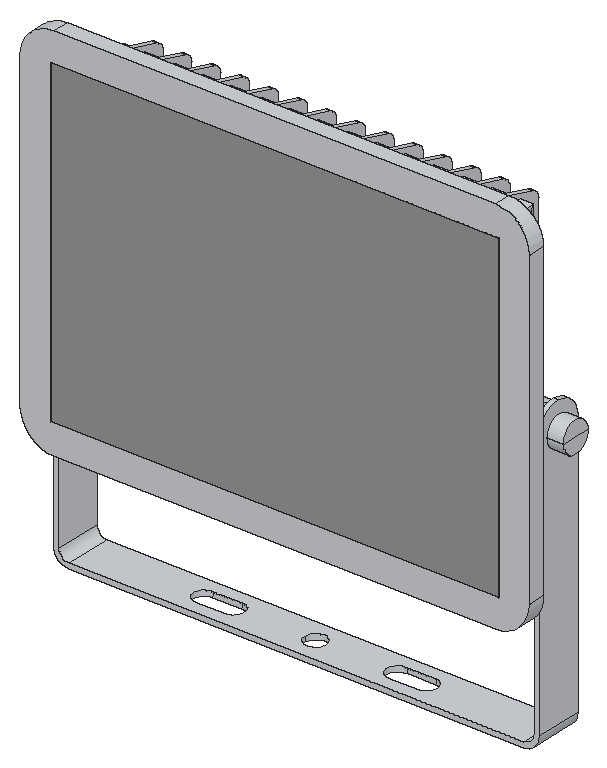
Revit family "0047105", category Lighting Fixtures, Revit 2017
Family settings
  Round Connector Dimension = Use Diameter
  Part Type = Normal
  OmniClass Number = 23.80.70.00
  OmniClass Title = Lighting
  Work Plane-Based = No
  Always vertical = Yes
  Cut with Voids When Loaded = No
  Light Source = Yes
  Shared = No
  Room Calculation Point = No
Parameters (values of type "0047105 SYLFLOOD IP65 3000LM 840 BLACK")
  Weight = "3.06 kg"
  Wattage = 27 W
  WarrantyStartDate [instance] = "n/a"
  WarrantyGuarantorParts = "n/a"
  WarrantyDurationUnit = "n/a"
  WarrantyDurationParts = "n/a"
  WarrantyDescription = "n/a"
  built-in parameter 1150110 = 1 (stored number, unit not read)
  Voltage = 0 V
  URL = "http://www.sylvania-lighting.com"
  TypeName = "SylFlood IP65 3000LM 840 Black"
  built-in parameter 1114217 = 1 (stored number, unit not read)
  Tilt Angle = 0.00°
  built-in parameter 1150109 = 1 (stored number, unit not read)
  built-in parameter 1150134 = 12
  built-in parameter 1150113 = 1 (stored number, unit not read)
  SerialNumber [instance] = "n/a"
  PowerFactor = 0.9
  PowerConsumption = "27 W"
  Photometric Web File = "0047105.ies"
  NominalWidth = 0 mm
  NominalLength = 133 mm
  NominalHeight = 28 mm
  Name = "SylFlood IP65 3000LM 840 Black"
  ModelReference = "SylFlood IP65 3000LM 840 Black"
  ModelNumber = "0047105"
  Model = "SylFlood IP65 3000LM 840 Black"
  Material_4_FEILO = none
  Material_3_FEILO = none
  Material_2_FEILO = Default New Material
  Material_1_FEILO = none
  Material = "n/a"
  ManufacturerName = "Feilo Sylvania"
  Manufacturer = "Feilo Sylvania"
  LuminousEfficacy = "111 lm/W"
  Lumens = 2997 lm
  LuminaireType = ""
  built-in parameter 1150115 = 1 (stored number, unit not read)
  built-in parameter 1150105 = -3340156.5 (stored number, unit not read)
  LightOutputRatio = "n/a"
  built-in parameter 1150137 = (empty or 0)
  built-in parameter 1150139 = (empty or 0)
  LampsType = "LED"
  LampNominalLuminous = "3000 lm"
  LampMacAdamStep = "5"
  LampColourTemperature = "4000 K"
  LampColourRenderingIndex = "80"
  built-in parameter 1150112 = 1 (stored number, unit not read)
  built-in parameter 1150114 = 1 (stored number, unit not read)
  Lamp = "LED"
  LUM_WIDTH_SYL = 75 mm  # constant formula
  LUM_HEIGHT_SYL = 56 mm  # constant formula
  LUM_EXTR_ST_SYL = -5 mm
  LUM_EXTR_END_SYL = 0 mm
  LUM_DEPTH_SYL = 28 mm
  Keynote = "16500"
  InstallationDate [instance] = "n/a"
  InputVoltage = "n/a"
  InputNominalFrequency = "n/a"
  built-in parameter 1150132 = 2
  built-in parameter 1150102 = (empty or 0)
  built-in parameter 1150138 = (empty or 0)
  built-in parameter 1150107 = 4000 (stored number, unit not read)
  IngressProtection = "IP65"
  ImpactProtectionIndex = "IK06"
  built-in parameter 1150106 = -33401.6 (stored number, unit not read)
  IfcExportType = "IfcLightFixtureType"
  IfcExportAs = "IfcLightFixtureType"
  ElectricShockClassification = "Class I"
  built-in parameter 1150104 = 10.312 (stored number, unit not read)
  DocumentationLiterature = "http://www.sylvania-lighting.com/product/en-int/products/0047105"
  DimmingControlOptions = "n/a"
  Dimming Lamp Color Temperature Shift = <None>
  DIF_WIDTH_SYL = 66 mm  # constant formula
  DIF_HEIGHT_SYL = 47.5 mm  # constant formula
  CreatedOn = "44168"
  CreatedBy = "@sylvania-lighting.com"
  Color Filter = 16777215
  ClassificationValue = "EF_70_80"
  ClassificationName = "Uniclass2015"
  CABLE_SIDE_DIST_SYL = 44 mm
  CABLE_LENGTH_SYL = 5 mm
  CABLE_FRONT_DIST_SYL = 17.5 mm
  CABLES_DIST_SYL = 56 mm
  BarCode [instance] = "n/a"
  built-in parameter 1114218 = 1 (stored number, unit not read)
  B_RAIL_R_DIST_SYL = 7 mm
  B_RAIL_HEIGHT_SYL = 27 mm
  B_RAIL_DEPTH_SYL = 44 mm
  B_RAIL_CHAMFER_SYL = 7 mm
  BRACKET_HOLDER_WIDTH_SYL = 12 mm
  BRACKET_HOLDER_HEIGHT_SYL = 17 mm
  BRACKET_HOLDER_DIST_SIDE_SYL = 2.8 mm
  BRACKET_HOLDER_DIST_BOTT_SYL = 42 mm
  BRACKET_HOLDER_DEPTH_SYL = 5.7 mm
  BOX_WIDTH_SYL = 60.5 mm
  BOX_TOP_DIST_SYL = 10.5 mm
  BOX_DEPTH_SYL = 14 mm
  BOX_BOTT_DIST_SYL = 28 mm
  BACK_RAIL_WIDTH_SYL = 1.4 mm
  BACK_RAIL_SIDE_DIST_SYL = 19 mm
  BACK_PL_EXTR_ST_SYL = -6 mm
  BACK_PL_EXTR_ST(-1)_SYL = BACK_PL_EXTR_ST_SYL * (-1)  # 6 mm
  BACK_PL_EXTR_END_SYL = -3 mm
  BACK_PL_EXTR_END(-1)_SYL = BACK_PL_EXTR_END_SYL * (-1)  # 3 mm
  built-in parameter 1150133 = 10 (stored number, unit not read)
  AssetType = "Fixed"
  AssetIdentifier [instance] = "n/a"
  Assembly Code = "D5020200"
  Apparent Load = 27 VA
  0_18W_SYL = yes
Types (4, lengths in mm): name | TypeName | built-in parameter 1150134 | Photometric Web File | Name | ModelReference | ModelNumber | Model | LuminousEfficacy | Lumens | built-in parameter 1150105 | LampNominalLuminous | LampColourTemperature | built-in parameter 1150107 | built-in parameter 1150106 | built-in parameter 1150104 | DocumentationLiterature
  0047107 SYLFLOOD IP65 3000LM 840 WHITE | "SylFlood IP65 3000LM 840 White" | 12 | "0047107.ies" | "SylFlood IP65 3000LM 840 White" | "SylFlood IP65 3000LM 840 White" | "0047107" | "SylFlood IP65 3000LM 840 White" | "111 lm/W" | 2997 lm | -3340156.5 (stored number, unit not read) | "3000 lm" | "4000 K" | 4000 (stored number, unit not read) | -33401.6 (stored number, unit not read) | 10.312 (stored number, unit not read) | "http://www.sylvania-lighting.com/product/en-int/products/0047107"
  0047106 SYLFLOOD IP65 2850LM 830 WHITE | "SylFlood IP65 2850LM 830 White" | (empty or 0) | "0047106.ies" | "SylFlood IP65 2850LM 830 White" | "SylFlood IP65 2850LM 830 White" | "0047106" | "SylFlood IP65 2850LM 830 White" | "106 lm/W" | 2862 lm | -3030228.4 (stored number, unit not read) | "2850 lm" | "3000 K" | 3000 (stored number, unit not read) | -30302.3 (stored number, unit not read) | 9.8477 (stored number, unit not read) | "http://www.sylvania-lighting.com/product/en-int/products/0047106"
  0047105 SYLFLOOD IP65 3000LM 840 BLACK | "SylFlood IP65 3000LM 840 Black" | 12 | "0047105.ies" | "SylFlood IP65 3000LM 840 Black" | "SylFlood IP65 3000LM 840 Black" | "0047105" | "SylFlood IP65 3000LM 840 Black" | "111 lm/W" | 2997 lm | -3340156.5 (stored number, unit not read) | "3000 lm" | "4000 K" | 4000 (stored number, unit not read) | -33401.6 (stored number, unit not read) | 10.312 (stored number, unit not read) | "http://www.sylvania-lighting.com/product/en-int/products/0047105"
  0047104 SYLFLOOD IP65 2850LM 830 BLACK | "SylFlood IP65 2850LM 830 Black" | (empty or 0) | "0047104.ies" | "SylFlood IP65 2850LM 830 Black" | "SylFlood IP65 2850LM 830 Black" | "0047104" | "SylFlood IP65 2850LM 830 Black" | "106 lm/W" | 2862 lm | -3030228.4 (stored number, unit not read) | "2850 lm" | "3000 K" | 3000 (stored number, unit not read) | -30302.3 (stored number, unit not read) | 9.8477 (stored number, unit not read) | "http://www.sylvania-lighting.com/product/en-int/products/0047104"
Reference planes
  plane 1 "Light Source Axis (F/B)": y = 0
  plane 2: z = 0
  plane 3 "Light Source Axis (L/R)": x = 0
  plane 4 "Light Source Elevation": z = -0.469
  plane 5: x = 75
  plane 6: x = -75
  plane 7: z = 56
  plane 8: z = -56
  plane 9: x = 66
  plane 10: x = -66
  plane 11: z = 47.5
  plane 12: z = -47.5
  plane 13: y = 6
  plane 14: y = 3
  plane 15: x = -60.5
  plane 16: x = 60.5
  plane 17: y = 20
  plane 18: z = 45.5
  plane 19: z = -28
  plane 20: y = 28
  plane 21: z = -14
  plane 22: z = -2
  plane 23: y = 21
  plane 24: x = 54.2
  plane 25: x = 39.5
  plane 26: x = 31
  plane 27: x = -25
  plane 28: y = 14
  plane 29: z = -38
  plane 30: y = 27
  plane 31: z = 16
  plane 32: z = 9
  plane 33: x = 56
  plane 34: x = 54.6
  plane 35: x = 47.6
  plane 36: x = 20.8
  plane 37: x = 13.8
  plane 38: x = 12.4
  plane 39: x = 5.4
  plane 40: x = 4
  plane 41: z = -50.4
  plane 42: x = 64
  plane 43: x = 70
  plane 44: z = -59.1
Forms (mm)
  Extrusion 1, solid
    sketch origin (0, 0, 0) x (1, 0, 0) y (0, 0, 1)
      loop
        arc (-65, 56) -> (-72.071, 53.071) -> (-75, 46) r 10
        line (-75, 46) -> (-75, -46)
        arc (-75, -46) -> (-72.071, -53.071) -> (-65, -56) r 10
        line (-65, -56) -> (65, -56)
        arc (65, -56) -> (72.071, -53.071) -> (75, -46) r 10
        line (75, -46) -> (75, 46)
        arc (75, 46) -> (72.071, 53.071) -> (65, 56) r 10
        line (65, 56) -> (-65, 56)
      loop
        line (-66, 47.5) -> (-66, -47.5) -> (66, -47.5) -> (66, 47.5) -> (-66, 47.5)
    from -5 <- "LUM_EXTR_ST_SYL" to 0 <- "LUM_EXTR_END_SYL"
  Extrusion 2, solid, material "Default New Material" <- "Material_2_FEILO"
    sketch origin (0, 0, 0) x (1, 0, 0) y (0, 0, 1)
      loop
        line (-66, 47.5) -> (-66, -47.5) -> (66, -47.5) -> (66, 47.5) -> (-66, 47.5)
    from -3 <- "BACK_PL_EXTR_END_SYL" to 0 <- "LUM_EXTR_END_SYL"
  Extrusion 3, solid
    sketch origin (0, 0, 0) x (1, 0, 0) y (0, 0, 1)
      loop
        line (66, 47.5) -> (-66, 47.5) -> (-66, -47.5) -> (66, -47.5) -> (66, 47.5)
    from -6 <- "BACK_PL_EXTR_ST_SYL" to -3 <- "BACK_PL_EXTR_END_SYL"
  Extrusion 4, solid
    sketch origin (0, 0, 0) x (1, 0, 0) y (0, 1, 0)
      loop
        arc (-59.5, 20) -> (-60.207, 19.707) -> (-60.5, 19) r 1
        line (-60.5, 19) -> (-60.5, 6) -> (60.5, 6) -> (60.5, 19)
        arc (60.5, 19) -> (60.207, 19.707) -> (59.5, 20) r 1
        line (59.5, 20) -> (-59.5, 20)
    from -28 to 45.5
  Extrusion 5, solid
    sketch origin (0, 0, 0) x (1, 0, 0) y (0, 1, 0)
      loop
        arc (-52.5, 28) -> (-58.157, 25.657) -> (-60.5, 20) r 8
        line (-60.5, 20) -> (-60.5, 6) -> (60.5, 6) -> (60.5, 20)
        arc (60.5, 20) -> (58.157, 25.657) -> (52.5, 28) r 8
        line (52.5, 28) -> (-52.5, 28)
    from -47.5 to -28
  Extrusion 6, solid
    sketch origin (0, 0, 0) x (0, 1, 0) y (0, 0, 1)
      loop
        line (5, -2) -> (5, -14) -> (15, -14)
        arc (15, -14) -> (19.243, -12.243) -> (21, -8) r 6
        arc (21, -8) -> (19.243, -3.757) -> (15, -2) r 6
        line (15, -2) -> (5, -2)
      loop
        circle (15, -8) r 2.5
    from 64 to 70
  Extrusion 7, solid
    sketch origin (0, 0, 0) x (1, 0, 0) y (0, 1, 0)
      loop
        circle (-25, 14) r 7
      loop
        circle (31, 14) r 9
    from -59.1 to -47.5
  Extrusion 8, solid
    sketch origin (-75.017, 5.639, -10.469) x (0, 1, 0) y (0, 0, -1)
      loop
        line (-0.625, 17.969) -> (-0.625, -34.188) -> (-0.625, -61.668) -> (19.238, -55.969)
        arc (19.238, -55.969) -> (20.908, -54.706) -> (21.299, -52.649) r 2.911
        line (21.299, -52.649) -> (21.299, 17.969) -> (-0.625, 17.969)
    from -131.017 to -129.617
  Extrusion 9, solid
    sketch origin (0, 0, 0) x (0, 1, 0) y (0, 0, -1)
      loop
        line (5, 2) -> (15, 2)
        arc (15, 2) -> (19.243, 3.757) -> (21, 8) r 6
        arc (21, 8) -> (19.243, 12.243) -> (15, 14) r 6
        line (15, 14) -> (5, 14) -> (5, 2)
      loop
        circle (15, 8) r 2.5
    from 64 to 70
  Extrusion 10, solid
    sketch origin (75.017, 5.639, -10.469) x (0, 1, 0) y (0, 0, 1)
      loop
        line (-0.625, -17.969) -> (21.299, -17.969) -> (21.299, 52.649)
        arc (21.299, 52.649) -> (20.908, 54.706) -> (19.238, 55.969) r 2.911
        line (19.238, 55.969) -> (-0.625, 61.668) -> (-0.625, 34.188) -> (-0.625, -17.969)
    from -131.017 to -129.617
  Extrusion 11, solid
    sketch origin (-185.617, 5.639, -10.469) x (0, 1, 0) y (0, 0, -1)
      loop
        line (-0.625, 17.969) -> (-0.625, -34.188) -> (-0.625, -61.668) -> (19.238, -55.969)
        arc (19.238, -55.969) -> (20.908, -54.706) -> (21.299, -52.649) r 2.911
        line (21.299, -52.649) -> (21.299, 17.969) -> (-0.625, 17.969)
    from -131.017 to -129.617
  Extrusion 12, solid
    sketch origin (-83.524, 5.639, -10.469) x (0, 1, 0) y (0, 0, -1)
      loop
        line (-0.625, 17.969) -> (-0.625, -34.188) -> (-0.625, -61.668) -> (19.238, -55.969)
        arc (19.238, -55.969) -> (20.908, -54.706) -> (21.299, -52.649) r 2.911
        line (21.299, -52.649) -> (21.299, 17.969) -> (-0.625, 17.969)
    from -131.017 to -129.617
  Extrusion 13, solid
    sketch origin (-92.032, 5.639, -10.469) x (0, 1, 0) y (0, 0, -1)
      loop
        line (-0.625, 17.969) -> (-0.625, -34.188) -> (-0.625, -61.668) -> (19.238, -55.969)
        arc (19.238, -55.969) -> (20.908, -54.706) -> (21.299, -52.649) r 2.911
        line (21.299, -52.649) -> (21.299, 17.969) -> (-0.625, 17.969)
    from -131.017 to -129.617
  Extrusion 14, solid
    sketch origin (-100.54, 5.639, -10.469) x (0, 1, 0) y (0, 0, -1)
      loop
        line (-0.625, 17.969) -> (-0.625, -34.188) -> (-0.625, -61.668) -> (19.238, -55.969)
        arc (19.238, -55.969) -> (20.908, -54.706) -> (21.299, -52.649) r 2.911
        line (21.299, -52.649) -> (21.299, 17.969) -> (-0.625, 17.969)
    from -131.017 to -129.617
  Extrusion 15, solid
    sketch origin (-109.047, 5.639, -10.469) x (0, 1, 0) y (0, 0, -1)
      loop
        line (-0.625, 17.969) -> (-0.625, -34.188) -> (-0.625, -61.668) -> (19.238, -55.969)
        arc (19.238, -55.969) -> (20.908, -54.706) -> (21.299, -52.649) r 2.911
        line (21.299, -52.649) -> (21.299, 17.969) -> (-0.625, 17.969)
    from -131.017 to -129.617
  Extrusion 16, solid
    sketch origin (-117.555, 5.639, -10.469) x (0, 1, 0) y (0, 0, -1)
      loop
        line (-0.625, 17.969) -> (-0.625, -34.188) -> (-0.625, -61.668) -> (19.238, -55.969)
        arc (19.238, -55.969) -> (20.908, -54.706) -> (21.299, -52.649) r 2.911
        line (21.299, -52.649) -> (21.299, 17.969) -> (-0.625, 17.969)
    from -131.017 to -129.617
  Extrusion 17, solid
    sketch origin (-126.063, 5.639, -10.469) x (0, 1, 0) y (0, 0, -1)
      loop
        line (-0.625, 17.969) -> (-0.625, -34.188) -> (-0.625, -61.668) -> (19.238, -55.969)
        arc (19.238, -55.969) -> (20.908, -54.706) -> (21.299, -52.649) r 2.911
        line (21.299, -52.649) -> (21.299, 17.969) -> (-0.625, 17.969)
    from -131.017 to -129.617
  Extrusion 18, solid
    sketch origin (-134.571, 5.639, -10.469) x (0, 1, 0) y (0, 0, -1)
      loop
        line (-0.625, 17.969) -> (-0.625, -34.188) -> (-0.625, -61.668) -> (19.238, -55.969)
        arc (19.238, -55.969) -> (20.908, -54.706) -> (21.299, -52.649) r 2.911
        line (21.299, -52.649) -> (21.299, 17.969) -> (-0.625, 17.969)
    from -131.017 to -129.617
  Extrusion 19, solid
    sketch origin (-143.078, 5.639, -10.469) x (0, 1, 0) y (0, 0, -1)
      loop
        line (-0.625, 17.969) -> (-0.625, -34.188) -> (-0.625, -61.668) -> (19.238, -55.969)
        arc (19.238, -55.969) -> (20.908, -54.706) -> (21.299, -52.649) r 2.911
        line (21.299, -52.649) -> (21.299, 17.969) -> (-0.625, 17.969)
    from -131.017 to -129.617
  Extrusion 20, solid
    sketch origin (-151.586, 5.639, -10.469) x (0, 1, 0) y (0, 0, -1)
      loop
        line (-0.625, 17.969) -> (-0.625, -34.188) -> (-0.625, -61.668) -> (19.238, -55.969)
        arc (19.238, -55.969) -> (20.908, -54.706) -> (21.299, -52.649) r 2.911
        line (21.299, -52.649) -> (21.299, 17.969) -> (-0.625, 17.969)
    from -131.017 to -129.617
  Extrusion 21, solid
    sketch origin (-160.094, 5.639, -10.469) x (0, 1, 0) y (0, 0, -1)
      loop
        line (-0.625, 17.969) -> (-0.625, -34.188) -> (-0.625, -61.668) -> (19.238, -55.969)
        arc (19.238, -55.969) -> (20.908, -54.706) -> (21.299, -52.649) r 2.911
        line (21.299, -52.649) -> (21.299, 17.969) -> (-0.625, 17.969)
    from -131.017 to -129.617
  Extrusion 22, solid
    sketch origin (-168.601, 5.639, -10.469) x (0, 1, 0) y (0, 0, -1)
      loop
        line (-0.625, 17.969) -> (-0.625, -34.188) -> (-0.625, -61.668) -> (19.238, -55.969)
        arc (19.238, -55.969) -> (20.908, -54.706) -> (21.299, -52.649) r 2.911
        line (21.299, -52.649) -> (21.299, 17.969) -> (-0.625, 17.969)
    from -131.017 to -129.617
  Extrusion 23, solid
    sketch origin (-177.109, 5.639, -10.469) x (0, 1, 0) y (0, 0, -1)
      loop
        line (-0.625, 17.969) -> (-0.625, -34.188) -> (-0.625, -61.668) -> (19.238, -55.969)
        arc (19.238, -55.969) -> (20.908, -54.706) -> (21.299, -52.649) r 2.911
        line (21.299, -52.649) -> (21.299, 17.969) -> (-0.625, 17.969)
    from -131.017 to -129.617
Cuts and joins
  joined: Extrusion 1, Extrusion 3, Extrusion 4, Extrusion 5
Dimensions and locks
  "LUM_WIDTH_SYL": plane 5 to plane 3 "Light Source Axis (L/R)" to plane 6
  "LUM_HEIGHT_SYL": plane 7 to plane 2 to plane 8
  "DIF_WIDTH_SYL": plane 9 to plane 3 "Light Source Axis (L/R)" to plane 10
  "DIF_HEIGHT_SYL": plane 11 to plane 2 to plane 12
  "BACK_PL_EXTR_ST(-1)_SYL": plane 1 "Light Source Axis (F/B)" to plane 13
  "BACK_PL_EXTR_END(-1)_SYL": plane 1 "Light Source Axis (F/B)" to plane 14
  "BOX_WIDTH_SYL": plane 15 to plane 3 "Light Source Axis (L/R)" to plane 16
  "BOX_DEPTH_SYL": plane 13 to plane 17
  "BOX_TOP_DIST_SYL": plane 18 to plane 7
  "BOX_BOTT_DIST_SYL": plane 8 to plane 19
  "LUM_DEPTH_SYL": plane 1 "Light Source Axis (F/B)" to plane 20
  "BRACKET_HOLDER_DIST_BOTT_SYL": plane 21 to plane 8
  "BRACKET_HOLDER_WIDTH_SYL": plane 22 to plane 21
  cut or joined group of Extrusion 1, Extrusion 3, Extrusion 4, Extrusion 5 to plane 23 = 15 mm
  cut or joined group of Extrusion 1, Extrusion 3, Extrusion 4, Extrusion 5 to plane 24 = 20.8 mm
  plane 25 to plane 24 = 14.7 mm
  "CABLES_DIST_SYL": plane 27 to plane 26
  "CABLE_SIDE_DIST_SYL": plane 26 to plane 5
  cut or joined group of Extrusion 1, Extrusion 3, Extrusion 4, Extrusion 5 to plane 28 = 14 mm
  cut or joined group of Extrusion 1, Extrusion 3, Extrusion 4, Extrusion 5 to plane 29 = 18 mm
  "B_RAIL_HEIGHT_SYL": plane 30 to plane 1 "Light Source Axis (F/B)"
  "B_RAIL_DEPTH_SYL": plane 31 to plane 19
  "B_RAIL_CHAMFER_SYL": plane 31 to plane 32
  "BACK_RAIL_SIDE_DIST_SYL": plane 5 to plane 33
  "BACK_RAIL_WIDTH_SYL": plane 33 to plane 34
  "B_RAIL_R_DIST_SYL": plane 34 to plane 35
  "B_RAIL_R_DIST_SYL": plane 36 to plane 37
  "BACK_RAIL_WIDTH_SYL": plane 37 to plane 38
  "BACK_RAIL_WIDTH_SYL": plane 39 to plane 40
  "B_RAIL_R_DIST_SYL": plane 38 to plane 39
  plane 35 to plane 26 = 16.6 mm
  equal spacing: group 2, group 14, group 13, group 12, group 11, group 10, group 9, group 8, group 7, group 6, group 5, group 4, group 3, group 1
  equal spacing: group 1, group 3, group 4, group 5, group 6, group 7, group 8, group 9, group 10, group 11, group 12, group 13, group 14, group 2  (x2)
  aligned and locked: plane 4 "Light Source Elevation" to imposter light
  aligned and locked: level to plane 2
  aligned and locked: Extrusion 1 sketch curve to plane 7
  aligned and locked: plane 6 to Extrusion 1 sketch curve
  aligned and locked: plane 8 to Extrusion 1 sketch curve
  aligned and locked: Extrusion 1 sketch curve to plane 5
  aligned and locked: Extrusion 1 sketch curve to plane 11
  aligned and locked: plane 10 to Extrusion 1 sketch curve
  aligned and locked: plane 12 to Extrusion 1 sketch curve
  aligned and locked: Extrusion 1 sketch curve to plane 9
  aligned and locked: Extrusion 2 sketch curve to Extrusion 1  (x4)
  aligned and locked: Extrusion 3 sketch curve to Extrusion 1  (x4)
  aligned and locked: Extrusion 3 to Extrusion 2
  aligned and locked: plane 17 to Extrusion 4 sketch curve
  aligned and locked: plane 15 to Extrusion 4 sketch curve
  aligned and locked: Extrusion 4 sketch curve to plane 13
  aligned and locked: Extrusion 4 sketch curve to plane 16
  aligned and locked: plane 18 to Extrusion 4
  aligned and locked: Extrusion 4 to plane 19
  aligned and locked: plane 20 to Extrusion 5 sketch curve
  aligned and locked: plane 15 to Extrusion 5 sketch curve
  aligned and locked: cut or joined group of Extrusion 1, Extrusion 3, Extrusion 4, Extrusion 5 to Extrusion 5 sketch curve
  aligned and locked: Extrusion 5 sketch curve to cut or joined group of Extrusion 1, Extrusion 3, Extrusion 4, Extrusion 5
  aligned and locked: plane 19 to Extrusion 5
  aligned and locked: Extrusion 5 to plane 12
  aligned and locked: Extrusion 6 sketch curve to plane 22
  aligned and locked: plane 21 to Extrusion 6 sketch curve
  aligned and locked: Extrusion 7 to Extrusion 2
  aligned and locked: Extrusion 6 to cut or joined group of Extrusion 1, Extrusion 3, Extrusion 4, Extrusion 5
  aligned and locked: plane 42 to Extrusion 6
  aligned and locked: Extrusion 6 to plane 43
  aligned and locked: Extrusion 7 to plane 44
  aligned and locked: plane 33 to Extrusion 8
  aligned and locked: Extrusion 8 to plane 34
Automatic sketch dimensions
  plane 18 to Extrusion 1 sketch curve = 0.5 mm  (x2)
  plane 10 to Extrusion 1 sketch curve = 1 mm
  Extrusion 1 sketch curve to plane 9 = 1 mm
  plane 15 to Extrusion 4 sketch curve = 1 mm
  Extrusion 4 sketch curve to plane 16 = 1 mm
  Extrusion 5 sketch curve to plane 15 = 0 mm
  plane 28 to Extrusion 5 sketch curve = 6 mm  (x2)
  Extrusion 6 sketch curve to Extrusion 6 sketch curve = 0 mm  (x5)
  Extrusion 6 sketch curve to plane 23 = 0 mm
  plane 13 to Extrusion 6 sketch curve = 1 mm
  Extrusion 7 sketch curve to plane 27 = 0 mm
  Extrusion 7 sketch curve to plane 26 = 0 mm
  Extrusion 7 sketch curve to plane 28 = 0 mm  (x2)
  Extrusion 9 sketch curve to Extrusion 9 sketch curve = 0 mm  (x6)
  Extrusion 9 sketch curve to plane 21 = 0 mm
  Extrusion 9 sketch curve to plane 22 = 0 mm
  Extrusion 9 sketch curve to plane 23 = 0 mm
  plane 13 to Extrusion 9 sketch curve = 1 mm
  Extrusion 10 sketch curve to plane 18 = 0 mm
  Extrusion 10 sketch curve to plane 19 = 0.438 mm
  plane 13 to Extrusion 10 sketch curve = 0.986 mm
  plane 30 to Extrusion 10 sketch curve = 2.927 mm
  plane 30 to Extrusion 10 sketch curve = 2.124 mm
  plane 30 to Extrusion 10 sketch curve = 0.062 mm
  plane 31 to Extrusion 10 sketch curve = 7.719 mm
  Extrusion 10 sketch curve to plane 18 = 3.32 mm
  Extrusion 8 sketch curve to Extrusion 8 sketch curve = 19.06 mm
  Extrusion 8 sketch curve to Extrusion 8 sketch curve = 0.803 mm
  Extrusion 8 sketch curve to Extrusion 8 sketch curve = 21.924 mm
  Extrusion 8 sketch curve to Extrusion 8 sketch curve = 5.699 mm
  Extrusion 8 sketch curve to Extrusion 8 sketch curve = 18.983 mm
  Extrusion 8 sketch curve to Extrusion 8 sketch curve = 52.156 mm
  Extrusion 11 sketch curve to Extrusion 11 sketch curve = 19.06 mm
  Extrusion 11 sketch curve to Extrusion 11 sketch curve = 0.803 mm
  Extrusion 11 sketch curve to Extrusion 11 sketch curve = 21.924 mm
  Extrusion 11 sketch curve to Extrusion 11 sketch curve = 5.699 mm
  Extrusion 11 sketch curve to Extrusion 11 sketch curve = 18.983 mm
  Extrusion 11 sketch curve to Extrusion 11 sketch curve = 52.156 mm
  Extrusion 12 sketch curve to Extrusion 12 sketch curve = 19.06 mm
  Extrusion 12 sketch curve to Extrusion 12 sketch curve = 0.803 mm
  Extrusion 12 sketch curve to Extrusion 12 sketch curve = 21.924 mm
  Extrusion 12 sketch curve to Extrusion 12 sketch curve = 5.699 mm
  Extrusion 12 sketch curve to Extrusion 12 sketch curve = 18.983 mm
  Extrusion 12 sketch curve to Extrusion 12 sketch curve = 52.156 mm
  Extrusion 13 sketch curve to Extrusion 13 sketch curve = 19.06 mm
  Extrusion 13 sketch curve to Extrusion 13 sketch curve = 0.803 mm
  Extrusion 13 sketch curve to Extrusion 13 sketch curve = 21.924 mm
  Extrusion 13 sketch curve to Extrusion 13 sketch curve = 5.699 mm
  Extrusion 13 sketch curve to Extrusion 13 sketch curve = 18.983 mm
  Extrusion 13 sketch curve to Extrusion 13 sketch curve = 52.156 mm
  Extrusion 14 sketch curve to Extrusion 14 sketch curve = 19.06 mm
  Extrusion 14 sketch curve to Extrusion 14 sketch curve = 0.803 mm
  Extrusion 14 sketch curve to Extrusion 14 sketch curve = 21.924 mm
  Extrusion 14 sketch curve to Extrusion 14 sketch curve = 5.699 mm
  Extrusion 14 sketch curve to Extrusion 14 sketch curve = 18.983 mm
  Extrusion 14 sketch curve to Extrusion 14 sketch curve = 52.156 mm
  Extrusion 15 sketch curve to Extrusion 15 sketch curve = 19.06 mm
  Extrusion 15 sketch curve to Extrusion 15 sketch curve = 0.803 mm
  Extrusion 15 sketch curve to Extrusion 15 sketch curve = 21.924 mm
  Extrusion 15 sketch curve to Extrusion 15 sketch curve = 5.699 mm
  Extrusion 15 sketch curve to Extrusion 15 sketch curve = 18.983 mm
  Extrusion 15 sketch curve to Extrusion 15 sketch curve = 52.156 mm
  Extrusion 16 sketch curve to Extrusion 16 sketch curve = 19.06 mm
  Extrusion 16 sketch curve to Extrusion 16 sketch curve = 0.803 mm
  Extrusion 16 sketch curve to Extrusion 16 sketch curve = 21.924 mm
  Extrusion 16 sketch curve to Extrusion 16 sketch curve = 5.699 mm
  Extrusion 16 sketch curve to Extrusion 16 sketch curve = 18.983 mm
  Extrusion 16 sketch curve to Extrusion 16 sketch curve = 52.156 mm
  Extrusion 17 sketch curve to Extrusion 17 sketch curve = 19.06 mm
  Extrusion 17 sketch curve to Extrusion 17 sketch curve = 0.803 mm
  Extrusion 17 sketch curve to Extrusion 17 sketch curve = 21.924 mm
  Extrusion 17 sketch curve to Extrusion 17 sketch curve = 5.699 mm
  Extrusion 17 sketch curve to Extrusion 17 sketch curve = 18.983 mm
  Extrusion 17 sketch curve to Extrusion 17 sketch curve = 52.156 mm
  Extrusion 18 sketch curve to Extrusion 18 sketch curve = 19.06 mm
  Extrusion 18 sketch curve to Extrusion 18 sketch curve = 0.803 mm
  Extrusion 18 sketch curve to Extrusion 18 sketch curve = 21.924 mm
  Extrusion 18 sketch curve to Extrusion 18 sketch curve = 5.699 mm
  Extrusion 18 sketch curve to Extrusion 18 sketch curve = 18.983 mm
  Extrusion 18 sketch curve to Extrusion 18 sketch curve = 52.156 mm
  Extrusion 19 sketch curve to Extrusion 19 sketch curve = 19.06 mm
  Extrusion 19 sketch curve to Extrusion 19 sketch curve = 0.803 mm
  Extrusion 19 sketch curve to Extrusion 19 sketch curve = 21.924 mm
  Extrusion 19 sketch curve to Extrusion 19 sketch curve = 5.699 mm
  Extrusion 19 sketch curve to Extrusion 19 sketch curve = 18.983 mm
  Extrusion 19 sketch curve to Extrusion 19 sketch curve = 52.156 mm
  Extrusion 20 sketch curve to Extrusion 20 sketch curve = 19.06 mm
  Extrusion 20 sketch curve to Extrusion 20 sketch curve = 0.803 mm
  Extrusion 20 sketch curve to Extrusion 20 sketch curve = 21.924 mm
  Extrusion 20 sketch curve to Extrusion 20 sketch curve = 5.699 mm
  Extrusion 20 sketch curve to Extrusion 20 sketch curve = 18.983 mm
  Extrusion 20 sketch curve to Extrusion 20 sketch curve = 52.156 mm
  Extrusion 21 sketch curve to Extrusion 21 sketch curve = 19.06 mm
  Extrusion 21 sketch curve to Extrusion 21 sketch curve = 0.803 mm
  Extrusion 21 sketch curve to Extrusion 21 sketch curve = 21.924 mm
  Extrusion 21 sketch curve to Extrusion 21 sketch curve = 5.699 mm
  Extrusion 21 sketch curve to Extrusion 21 sketch curve = 18.983 mm
  Extrusion 21 sketch curve to Extrusion 21 sketch curve = 52.156 mm
  Extrusion 22 sketch curve to Extrusion 22 sketch curve = 19.06 mm
  Extrusion 22 sketch curve to Extrusion 22 sketch curve = 0.803 mm
  Extrusion 22 sketch curve to Extrusion 22 sketch curve = 21.924 mm
  Extrusion 22 sketch curve to Extrusion 22 sketch curve = 5.699 mm
  Extrusion 22 sketch curve to Extrusion 22 sketch curve = 18.983 mm
  Extrusion 22 sketch curve to Extrusion 22 sketch curve = 52.156 mm
  Extrusion 23 sketch curve to Extrusion 23 sketch curve = 19.06 mm
  Extrusion 23 sketch curve to Extrusion 23 sketch curve = 0.803 mm
  Extrusion 23 sketch curve to Extrusion 23 sketch curve = 21.924 mm
  Extrusion 23 sketch curve to Extrusion 23 sketch curve = 5.699 mm
  Extrusion 23 sketch curve to Extrusion 23 sketch curve = 18.983 mm
  Extrusion 23 sketch curve to Extrusion 23 sketch curve = 52.156 mm
  radius of Extrusion 6 sketch curve = 2.5 mm
  radius of Extrusion 7 sketch curve = 7 mm
  radius of Extrusion 7 sketch curve = 9 mm
  radius of Extrusion 9 sketch curve = 2.5 mm
Nested families
  nested 1: "START Flood Flat - 27W_bracket" at (0, 15.031, -52.52), type "START Flood Flat - 27W_bracket"
  nested 2: "bolt" at (-71.5, 15.031, -8.02) x (-1, 0, 0) z (0, 0, 1), type "bolt"
  nested 3: "bolt" at (71.5, 15.031, -7.969), type "bolt"
Definition of nested family "START Flood Flat - 27W_bracket"
  Parameters (values of type "START Flood Flat - 27W_bracket")
    WIDTH_SYL = 143 mm
    THICKNESS_SYL = 1.5 mm
    Material_4_SYL = none
    Material_3_SYL = none
    Material_2_SYL = none
    Material_1_SYL = none
    HOLE_DIST_SYL = 8.5 mm
    HOLE2_DIST_SYL = 8 mm
    HEIGHT_SYL = 90 mm
    HALF_SYL = WIDTH_SYL / 2  # 71.5 mm
    FILLET_SYL = 7 mm
    DEPTH_2_SYL = -7 mm
    DEPTH_1_SYL = 7 mm
    CUTOUT_DIST_SYL = 24.2 mm
  Reference planes
    plane 1 "Center (Front/Back)": y = 0
    plane 2: z = 0
    plane 3 "Center (Left/Right)": x = 0
    plane 4: x = -71.5
    plane 5: x = 71.5
    plane 6: z = -37.5
    plane 7: z = 52.5
    plane 8: x = -70
    plane 9: z = -36
    plane 10: x = 70
    plane 11: z = 44.5
    plane 12: z = 45.5
    plane 13: x = 24.2
    plane 14: x = -24.2
    plane 15: x = 32.7
    plane 16: x = -32.7
  Forms (mm)
    Extrusion 1, solid
      sketch origin (0, 0, 0) x (1, 0, 0) y (0, 0, 1)
        loop
          arc (-71.5, -33) -> (-70.182, -36.182) -> (-67, -37.5) r 4.5
          line (-67, -37.5) -> (67, -37.5)
          arc (67, -37.5) -> (70.182, -36.182) -> (71.5, -33) r 4.5
          line (71.5, -33) -> (71.5, 52.5) -> (70, 52.5) -> (70, -33)
          arc (70, -33) -> (69.121, -35.121) -> (67, -36) r 3
          line (67, -36) -> (-67, -36)
          arc (-67, -36) -> (-69.121, -35.121) -> (-70, -33) r 3
          line (-70, -33) -> (-70, 52.5) -> (-71.5, 52.5) -> (-71.5, -33)
      from -7 <- "DEPTH_2_SYL" to 7 <- "DEPTH_1_SYL"
    Extrusion 2, void
      sketch origin (0, 0, 0) x (0, 1, 0) y (0, 0, 1)
        loop
          circle (0, 44.5) r 3.15
      from -71.5 to 71.5
    Extrusion 3, void
      sketch origin (0, 0, 0) x (0, 1, 0) y (0, 0, 1)
        loop
          line (7, 45.5) -> (14.83, 58.08) -> (-15.17, 58.08) -> (-7, 45.5)
          arc (-7, 45.5) -> (-4.95, 50.45) -> (0, 52.5) r 7
          arc (0, 52.5) -> (4.95, 50.45) -> (7, 45.5) r 7
      from -71.5 to 71.5
    Extrusion 4, void
      sketch origin (0, 0, 0) x (1, 0, 0) y (0, 1, 0)
        loop
          circle (0, 0) r 3.25
        loop
          arc (-32.7, 3.25) -> (-35.95, 0) -> (-32.7, -3.25) r 3.25
          line (-32.7, -3.25) -> (-24.2, -3.25)
          arc (-24.2, -3.25) -> (-20.95, 0) -> (-24.2, 3.25) r 3.25
          line (-24.2, 3.25) -> (-32.7, 3.25)
        loop
          line (24.2, -3.25) -> (32.7, -3.25)
          arc (32.7, -3.25) -> (35.95, 0) -> (32.7, 3.25) r 3.25
          line (32.7, 3.25) -> (24.2, 3.25)
          arc (24.2, 3.25) -> (20.95, 0) -> (24.2, -3.25) r 3.25
      from -54.767 to -28.006
  Cuts and joins
    Extrusion 2, Extrusion 3, Extrusion 4 cuts Extrusion 1
  Dimensions and locks
    "THICKNESS_SYL": plane 8 to plane 4
    "THICKNESS_SYL": plane 5 to plane 10
    "WIDTH_SYL": plane 5 to plane 4
    "HEIGHT_SYL": plane 7 to plane 6
    "FILLET_SYL": plane 7 to plane 12
    "CUTOUT_DIST_SYL": plane 14 to plane 3 "Center (Left/Right)" to plane 13
    "HOLE_DIST_SYL": plane 16 to plane 14
    "HOLE_DIST_SYL": plane 13 to plane 15
    "HOLE2_DIST_SYL": plane 7 to plane 11
    "HALF_SYL": plane 4 to plane 3 "Center (Left/Right)"
    aligned and locked: level to plane 2
    aligned and locked: plane 4 to Extrusion 1 sketch curve
    aligned and locked: plane 6 to Extrusion 1 sketch curve
    aligned and locked: Extrusion 1 sketch curve to plane 5
    aligned and locked: plane 8 to Extrusion 1 sketch curve
    aligned and locked: plane 9 to Extrusion 1 sketch curve
    aligned and locked: Extrusion 1 sketch curve to plane 10
    aligned and locked: plane 7 to Extrusion 1 sketch curve  (x2)
    aligned and locked: Extrusion 1 to Extrusion 2  (x2)
    aligned and locked: Extrusion 1 to Extrusion 3
    aligned and locked: Extrusion 3 to Extrusion 1
  Automatic sketch dimensions
    Extrusion 1 sketch curve to Extrusion 1 sketch curve = 0 mm
    plane 8 to Extrusion 1 sketch curve = 3 mm
    Extrusion 1 sketch curve to plane 10 = 3 mm
    Extrusion 1 sketch curve to Extrusion 1 sketch curve = 3 mm
    Extrusion 2 sketch curve to plane 1 "Center (Front/Back)" = 0 mm
    Extrusion 2 sketch curve to plane 11 = 0 mm
    Extrusion 3 sketch curve to Extrusion 3 sketch curve = 0 mm
    Extrusion 3 sketch curve to plane 12 = 0 mm
    Extrusion 3 sketch curve to plane 1 "Center (Front/Back)" = 0 mm
    Extrusion 3 sketch curve to plane 7 = 0 mm
    Extrusion 3 sketch curve to Extrusion 3 sketch curve = 8.17 mm
    plane 7 to Extrusion 3 sketch curve = 5.58 mm
    Extrusion 3 sketch curve to Extrusion 3 sketch curve = 7.83 mm
    plane 1 "Center (Front/Back)" to Extrusion 4 sketch curve = 0 mm  (x3)
    Extrusion 4 sketch curve to plane 16 = 0 mm
    Extrusion 4 sketch curve to plane 14 = 0 mm
    Extrusion 4 sketch curve to plane 3 "Center (Left/Right)" = 0 mm
    Extrusion 4 sketch curve to plane 13 = 0 mm
    Extrusion 4 sketch curve to plane 15 = 0 mm
    plane 1 "Center (Front/Back)" to Extrusion 4 sketch curve = 3.25 mm  (x2)
    radius of Extrusion 2 sketch curve = 3.15 mm
    radius of Extrusion 4 sketch curve = 3.25 mm
Definition of nested family "bolt"
  Parameters (values of type "bolt")
    Material_4_SYL = none
    Material_3_SYL = none
    Material_2_SYL = none
    Material_1_SYL = none
  Reference planes
    plane 1 "Center (Front/Back)": y = 0
    plane 2: z = 0
    plane 3 "Center (Left/Right)": x = 0
    plane 4: x = 5
    plane 5: x = -10
    plane 6: y = 2.5
    plane 7: y = -2.5
    plane 8: y = 4.5
    plane 9: y = -4.5
  Forms (mm)
    Revolve 1, solid
      sketch origin (0, 0, 0) x (1, 0, 0) y (0, 1, 0)
        loop
          line (5, 0) -> (-10, 0) -> (-10, -2.5) -> (0, -2.5) -> (0, -4.5) -> (5, -4.5) -> (5, 0)
        axis (5, 0) -> (-10, 0)
      angle from 0 to 360
  Dimensions and locks
    aligned and locked: level to plane 2
